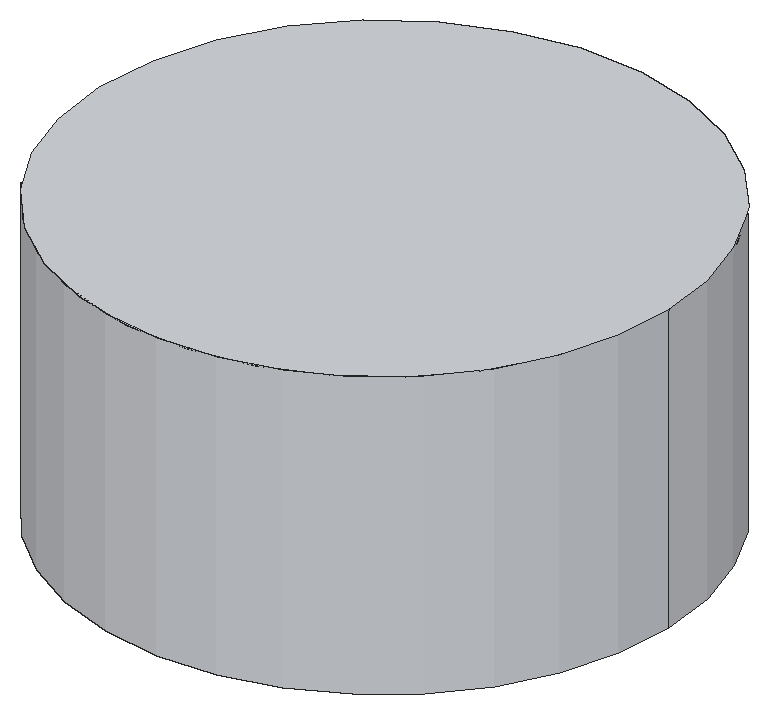
Revit family "10600855", category Specialty Equipment, Revit 2020
Family settings
  Round Connector Dimension = Use Diameter
  Part Type = Normal
  OmniClass Number = 23.40.40.14
  OmniClass Title = Food Service Equipment
  Work Plane-Based = No
  Always vertical = Yes
  Cut with Voids When Loaded = No
  Shared = No
  Room Calculation Point = No
Parameters (values of type "Standard")
  URL = "https://www.rustfriebergh.no/produkter/drop-in-kj-lebr-nner-vannbad-varmeplater-serveringsdisker/free-flow-serveringsmonter-rbrm-ff-drop-in"
  Model = "10600855"
  Manufacturer = "Rustfrie Bergh AS"
  Description = "Serveringsmonter RBRM-FF-800-DI"
  Default Elevation = 0 mm
Reference planes
  plane 1 "Center (Front/Back)": y = 0
  plane 2: z = 0
  plane 3 "Center (Left/Right)": x = 0
Forms (mm)
  Extrusion 1, solid
    sketch origin (-71.5, -224.5, 175) x (0, 1, 0) y (1, 0, 0)
      loop
        circle (0, 0) r 3.048
    from 0 to -3.048
Dimensions and locks
  aligned and locked: level to plane 2
Connectors
  electrical at (-71.5, -224.5, 175)
    settings: on Extrusion 1, index 1, voltage 230 V, apparent load 660 VA, apparent load phase1 0 VA, apparent load phase2 0 VA, apparent load phase3 0 VA, power factor 0, load classification "Other", number of poles 1, system type 30, power factor state 1, is connector primary yes, connector utility no, sub classification motor no, connector description "230V 50Hz 2,87A"
